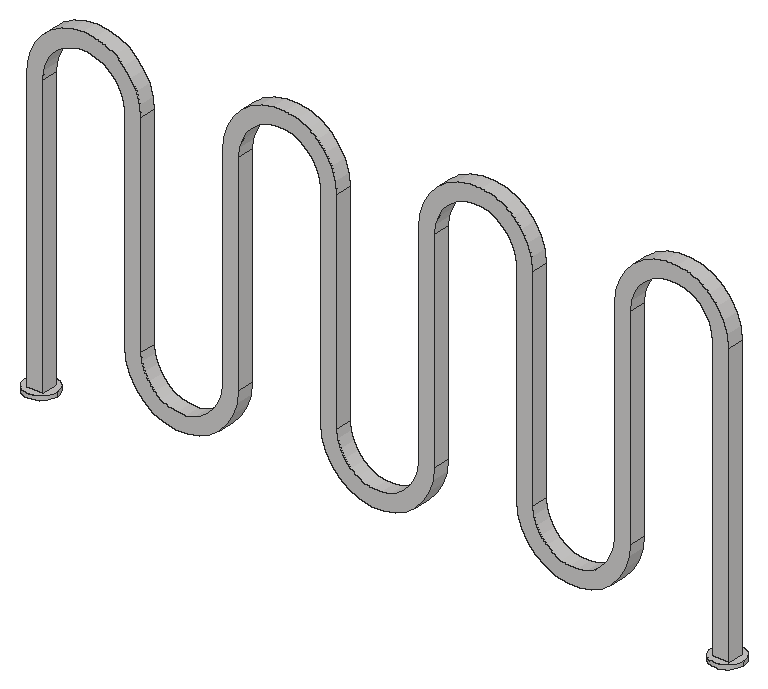
Revit family "Bicycle-Racks_Huntco_Rambler-Sq9", category Site, host Face, Revit 2026
Family settings
  Host = Face
  Round Connector Dimension = Use Diameter
  Part Type = Normal
  Classification Number = 23.40.10.11.11
  Cut with Voids When Loaded = No
  Shared = No
Parameters (values of type "42H")
  holediameter = if(Flange Mounted, 0' 0 1/2", if(Freestanding, 0' 0 1/32", 0' 6"))  # 0' - 0 1/2"
  holedepth = if(Flange Mounted, 0' 4", if(Freestanding, 0' 0 1/32", 1' 0"))  # 0' - 4"
  flangevisible = not(Embedded Mounted)  # yes
  flangeheight = if(Exposed Flange, 0' 0 1/2", 0' 1 1/4")  # 0' - 0 1/2"
  extralength = if(or(Freestanding, Flange Mounted), 0' 0", 0' 11")  # 0' - 0"
  Warranty Duration (Years) = 0
  Unit Width = 7' - 2 97/256"
  Unit Weight = 120
  Unit Height = 3' - 6"
  URL = "http://www.huntco.com/"
  Test Data = ""
  Specification = "http://www.arcat.com/sdspecs/htm/02871hco.htm"
  SpecWizard = ""
  Send Message = "http://www.arcat.com/users.pl?action=UserEmail&company=Huntco+Supply+LLC&coid=39482&rep=133&fax=503-274-2055&mf="
  Sales Information = ""
  Revision = "R1_11_2012"
  Product Properties = ""
  Product Data = "http://www.arcat.com/arcatcos/cos39/arc39482.html"
  Pipe Diameter = 0' - 2"
  Model = "BRS-9"
  Material Finish = Metal - Steel - Huntco - Stainless
  Manufacturer Website = "http://www.huntco.com/"
  Manufacturer Phone - Toll Free = "800-547-5909"
  Manufacturer Phone = "503-224-8700"
  Manufacturer Fax = "503-274-2055"
  Manufacturer Address = "Huntco Supply LLC P. O. Box 10385 Portland, OR 97296"
  Manufacturer = "Huntco Supply LLC"
  Maintenance Schedule (Months) = 0
  Keynote = "02871"
  Installation-Fabrication = ""
  Installation Phase = ""
  Green Building-LEED = "http://www.arcat.com/green/clients/leed_data_39482.html"
  Freestanding = yes
  Embedded Mounted = not(or(Freestanding, Flange Mounted))  # no
  Flange Mounted = yes
  Exposed Flange = yes
  Expected Lifespan (Years) = 0
  Drawn By = "Sumex Design, Inc. / Robert S. Weygant, CSI, CDT, SCIP"
  Description = "Huntco BR Square Series Bike Rack - Model BRS-9"
  Default Elevation = 4' - 0"
  Covered Flange = not(Exposed Flange)  # no
  Copyright = "©Arcat Inc."
  Construction Details = "http://www.arcat.com/details/huntcosu/huntcosu.html?coid=39482"
  Capacity = "9 Bikes"
  Building Codes = ""
  Assembly Code = "G2040500"
Types (2): name | Unit Height
  42H | 3' - 6"
  36H | 3' - 0"
Reference planes (in)
  plane 1 "Center (Front/Back)": y = 0
  plane 2: z = 0
  plane 3 "Center (Left/Right)": x = 0
  plane 4: y = 1
  plane 5: y = -1
  plane 6: x = -43.18945
  plane 7: x = 43.18945
  plane 8: z = 42
  plane 9: x = -42.18945
  plane 10: x = 42.18945
  plane 11: z = 0.5
  plane 12: z = 0
  plane 13: z = -4
Forms (in)
  Extrusion 1, solid, material "Metal - Steel - Huntco - Stainless" <- "Material Finish", visible <- "flangevisible"
    sketch origin (0, 0, 0) x (1, 0, 0) y (0, 1, 0)
      loop
        circle (-42.18945, 0) r 2
      loop
        circle (42.18945, 0) r 2
    from 0 to 0.5
  Sweep 2, solid, material "Metal - Steel - Huntco - Stainless" <- "Material Finish"
    path origin (0, 0, 0) x (1, 0, 0) y (0, 0, 1)
      loop
        line (-42.18945, 0) -> (-42.18945, 34.97294)
        arc (-42.18945, 34.97294) -> (-36.16239, 41) -> (-30.13532, 34.97294) r 6.02706
        line (-30.13532, 34.97294) -> (-30.13532, 9.19336)
        arc (-30.13532, 9.19336) -> (-24.10826, 3.16629) -> (-18.08119, 9.19336) r 6.02706
        line (-18.08119, 9.19336) -> (-18.08119, 34.97294)
        arc (-18.08119, 34.97294) -> (-12.05413, 41) -> (-6.02706, 34.97294) r 6.02706
        line (-6.02706, 34.97294) -> (-6.02706, 9.19336)
        arc (-6.02706, 9.19336) -> (0, 3.16629) -> (6.02706, 9.19336) r 6.02706
        line (6.02706, 9.19336) -> (6.02706, 34.97294)
        arc (6.02706, 34.97294) -> (12.05413, 41) -> (18.08119, 34.97294) r 6.02706
        line (18.08119, 34.97294) -> (18.08119, 9.19336)
        arc (18.08119, 9.19336) -> (24.10826, 3.16629) -> (30.13532, 9.19336) r 6.02706
        line (30.13532, 9.19336) -> (30.13532, 34.97294)
        arc (30.13532, 34.97294) -> (36.16239, 41) -> (42.18945, 34.97294) r 6.02706
        line (42.18945, 34.97294) -> (42.18945, 0)
    profile origin (-42.18945, 0, 17.48647) x (-1, 0, 0) y (0, -1, 0)
      loop
        line (1, -1) -> (1, 1) -> (-1, 1) -> (-1, -1) -> (1, -1)
  Extrusion 3, void
    sketch origin (0, 0, 0) x (1, 0, 0) y (0, 1, 0)
      loop
        circle (-42.18945, 0) r 0.25
      loop
        circle (42.18945, 0) r 0.25
    from -4 to 0.87558
Dimensions and locks (in)
  "Unit Height": plane 8 to level
  equal spacing: plane 4, plane 1 "Center (Front/Back)", plane 5
  "Pipe Diameter": plane 4 to plane 5
  equal spacing: plane 7, plane 3 "Center (Left/Right)", plane 6
  "Unit Width": plane 7 to plane 6
  locked: plane 9 to plane 6 at 1
  locked: plane 7 to plane 10 at 1
  equal spacing: plane 10, Sweep 2 sketch curve, Sweep 2 sketch curve, Sweep 2 sketch curve, Sweep 2 sketch curve, Sweep 2 sketch curve, Sweep 2 sketch curve, plane 9
  locked: plane 8 to Sweep 2 sketch curve at 1  (x4)
  locked: plane 6 to Extrusion 1 sketch curve at 1
  locked: Extrusion 1 sketch curve to plane 7 at 1
  "extralength": host face to plane 12
  "holedepth": host face to plane 13
  "flangeheight": plane 11 to host face
  locked: Sweep 2 sketch curve to host face at 9.19336  (x3)
  locked: plane 6 to Extrusion 3 sketch curve at 1
  locked: Extrusion 3 sketch curve to plane 7 at 1
  "holediameter": Extrusion 3 sketch curve to Extrusion 3 sketch curve  (x2)
  aligned and locked: plane 2 to host face
  aligned and locked: level to host face
  aligned and locked: plane 9 to Sweep 2 sketch curve
  aligned and locked: plane 10 to Sweep 2 sketch curve
  aligned and locked: plane 11 to Extrusion 1
  aligned and locked: plane 12 to Sweep 2 sketch curve  (x2)
  aligned and locked: Extrusion 3 to plane 13
Automatic sketch dimensions
  host sketch curve to host sketch curve = 8' - 0"  (x2)
  Extrusion 1 sketch curve to plane 1 "Center (Front/Back)" = 0' - 0"  (x2)
  profile plane to Sweep 2 sketch curve = 0' - 1"
  Sweep 2 sketch curve to Sweep 2 sketch curve = 0' - 2"  (x2)
  Sweep 2 sketch curve to plane 1 "Center (Front/Back)" = 0' - 1"
  Extrusion 3 sketch curve to plane 1 "Center (Front/Back)" = 0' - 0"  (x2)
  radius of Extrusion 1 sketch curve = 0' - 2"  (x2)
